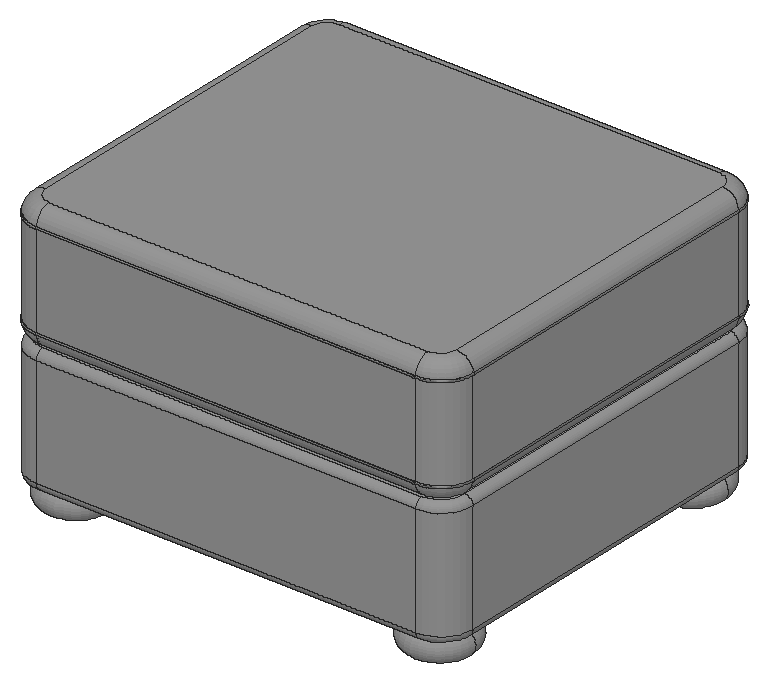
Revit family "Cambridge Ottoman", category Furniture, Revit 2016
Family settings
  OmniClass Number = 23.40.20.00
  OmniClass Title = General Furniture and Specialties
  Work Plane-Based = No
  Always vertical = Yes
  Cut with Voids When Loaded = No
  Shared = No
  Room Calculation Point = No
Parameters
  Width = 2' - 4"
  Foot Finish [instance] = Wood (Oak)
  Depth = 2' - 1"
  Cushion Fabric [instance] = Fabric
  Base Fabric [instance] = Fabric
Reference planes (in)
  plane 1 "Center Front/Back": y = 0
  plane 2: z = 0
  plane 3 "Center Left/Right": x = 0
  plane 4: y = 12.5
  plane 5: x = 14
  plane 6: x = -14
  plane 7: y = -12.5
  plane 8 "Seat Height": z = 17.5
  plane 9: z = 1.5
  plane 10: z = 9.5
Forms (in)
  Extrusion 1, solid, material "Fabric" <- "Base Fabric"
    sketch origin (0, 0, 0) x (1, 0, 0) y (0, 1, 0)
      loop
        arc (-12, 12.5) -> (-13.41421, 11.91421) -> (-14, 10.5) r 2
        line (-14, 10.5) -> (-14, -10.5)
        arc (-14, -10.5) -> (-13.41421, -11.91421) -> (-12, -12.5) r 2
        line (-12, -12.5) -> (12, -12.5)
        arc (12, -12.5) -> (13.41421, -11.91421) -> (14, -10.5) r 2
        line (14, -10.5) -> (14, 10.5)
        arc (14, 10.5) -> (13.41421, 11.91421) -> (12, 12.5) r 2
        line (12, 12.5) -> (-12, 12.5)
    from 1.5 to 9.5
  Extrusion 2, solid, material "Fabric" <- "Cushion Fabric"
    sketch origin (0, 0, 0) x (1, 0, 0) y (0, 1, 0)
      loop
        arc (-12, 12.5) -> (-13.41421, 11.91421) -> (-14, 10.5) r 2
        line (-14, 10.5) -> (-14, -10.5)
        arc (-14, -10.5) -> (-13.41421, -11.91421) -> (-12, -12.5) r 2
        line (-12, -12.5) -> (12, -12.5)
        arc (12, -12.5) -> (13.41421, -11.91421) -> (14, -10.5) r 2
        line (14, -10.5) -> (14, 10.5)
        arc (14, 10.5) -> (13.41421, 11.91421) -> (12, 12.5) r 2
        line (12, 12.5) -> (-12, 12.5)
    from 9.5 to 17.5
  Sweep 3, void
    path in 3D
      loop
        arc (-12, 12.5, 9.5) -> (-13.41421, 11.91421, 9.5) -> (-14, 10.5, 9.5) r 2
        line (-14, 10.5, 9.5) -> (-14, -10.5, 9.5)
        arc (-14, -10.5, 9.5) -> (-13.41421, -11.91421, 9.5) -> (-12, -12.5, 9.5) r 2
        line (-12, -12.5, 9.5) -> (12, -12.5, 9.5)
        arc (12, -12.5, 9.5) -> (13.41421, -11.91421, 9.5) -> (14, -10.5, 9.5) r 2
        line (14, -10.5, 9.5) -> (14, 10.5, 9.5)
        arc (14, 10.5, 9.5) -> (13.41421, 11.91421, 9.5) -> (12, 12.5, 9.5) r 2
        line (12, 12.5, 9.5) -> (-12, 12.5, 9.5)
    profile "Profile_Parametric Radius : .5" radius" origin (0, 12.5, 9.5) x (0, -1, 0) y (0, 0, 1)
      loop
        line (0.5, 0) -> (0, 0) -> (0, -0.5)
        arc (0, -0.5) -> (0.14645, -0.14645) -> (0.5, 0) r 0.5
  Sweep 4, void
    path in 3D
      loop
        arc (14, -10.5, 1.5) -> (13.41421, -11.91421, 1.5) -> (12, -12.5, 1.5) r 2
        line (12, -12.5, 1.5) -> (-12, -12.5, 1.5)
        arc (-12, -12.5, 1.5) -> (-13.41421, -11.91421, 1.5) -> (-14, -10.5, 1.5) r 2
        line (-14, -10.5, 1.5) -> (-14, 10.5, 1.5)
        arc (-14, 10.5, 1.5) -> (-13.41421, 11.91421, 1.5) -> (-12, 12.5, 1.5) r 2
        line (-12, 12.5, 1.5) -> (12, 12.5, 1.5)
        arc (12, 12.5, 1.5) -> (13.41421, 11.91421, 1.5) -> (14, 10.5, 1.5) r 2
        line (14, 10.5, 1.5) -> (14, -10.5, 1.5)
    profile "Profile_Parametric Radius : .5" radius" origin (14, 0, 1.5) x (-1, 0, 0) y (0, 0, -1)
      loop
        line (0.5, 0) -> (0, 0) -> (0, -0.5)
        arc (0, -0.5) -> (0.14645, -0.14645) -> (0.5, 0) r 0.5
  Sweep 5, void
    path in 3D
      loop
        arc (-12, 12.5, 17.5) -> (-13.41421, 11.91421, 17.5) -> (-14, 10.5, 17.5) r 2
        line (-14, 10.5, 17.5) -> (-14, -10.5, 17.5)
        arc (-14, -10.5, 17.5) -> (-13.41421, -11.91421, 17.5) -> (-12, -12.5, 17.5) r 2
        line (-12, -12.5, 17.5) -> (12, -12.5, 17.5)
        arc (12, -12.5, 17.5) -> (13.41421, -11.91421, 17.5) -> (14, -10.5, 17.5) r 2
        line (14, -10.5, 17.5) -> (14, 10.5, 17.5)
        arc (14, 10.5, 17.5) -> (13.41421, 11.91421, 17.5) -> (12, 12.5, 17.5) r 2
        line (12, 12.5, 17.5) -> (-12, 12.5, 17.5)
    profile "Profile_Parametric Radius : 1" radius" origin (0, 12.5, 17.5) x (0, -1, 0) y (0, 0, 1)
      loop
        line (1, 0) -> (0, 0) -> (0, -1)
        arc (0, -1) -> (0.29289, -0.29289) -> (1, 0) r 1
  Sweep 6, void
    path in 3D
      loop
        arc (14, -10.5, 9.5) -> (13.41421, -11.91421, 9.5) -> (12, -12.5, 9.5) r 2
        line (12, -12.5, 9.5) -> (-12, -12.5, 9.5)
        arc (-12, -12.5, 9.5) -> (-13.41421, -11.91421, 9.5) -> (-14, -10.5, 9.5) r 2
        line (-14, -10.5, 9.5) -> (-14, 10.5, 9.5)
        arc (-14, 10.5, 9.5) -> (-13.41421, 11.91421, 9.5) -> (-12, 12.5, 9.5) r 2
        line (-12, 12.5, 9.5) -> (12, 12.5, 9.5)
        arc (12, 12.5, 9.5) -> (13.41421, 11.91421, 9.5) -> (14, 10.5, 9.5) r 2
        line (14, 10.5, 9.5) -> (14, -10.5, 9.5)
    profile "Profile_Parametric Radius : 1" radius" origin (14, 0, 9.5) x (-1, 0, 0) y (0, 0, -1)
      loop
        line (1, 0) -> (0, 0) -> (0, -1)
        arc (0, -1) -> (0.29289, -0.29289) -> (1, 0) r 1
  Sweep 7, solid, material "Fabric" <- "Cushion Fabric"
    path in 3D
      loop
        arc (-12, -12.5, 16.5) -> (-13.41421, -11.91421, 16.5) -> (-14, -10.5, 16.5) r 2
        line (-14, -10.5, 16.5) -> (-14, 10.5, 16.5)
        arc (-14, 10.5, 16.5) -> (-13.41421, 11.91421, 16.5) -> (-12, 12.5, 16.5) r 2
        line (-12, 12.5, 16.5) -> (12, 12.5, 16.5)
        arc (12, 12.5, 16.5) -> (13.41421, 11.91421, 16.5) -> (14, 10.5, 16.5) r 2
        line (14, 10.5, 16.5) -> (14, -10.5, 16.5)
        arc (14, -10.5, 16.5) -> (13.41421, -11.91421, 16.5) -> (12, -12.5, 16.5) r 2
        line (12, -12.5, 16.5) -> (-12, -12.5, 16.5)
    profile origin (0, -12.5, 16.5) x (0, 0, 1) y (0, 1, 0)
      loop
        circle (0, 0) r 0.0625
  Sweep 8, solid, material "Fabric" <- "Cushion Fabric"
    path in 3D
      loop
        arc (-14, -10.5, 10.5) -> (-13.41421, -11.91421, 10.5) -> (-12, -12.5, 10.5) r 2
        line (-12, -12.5, 10.5) -> (12, -12.5, 10.5)
        arc (12, -12.5, 10.5) -> (13.41421, -11.91421, 10.5) -> (14, -10.5, 10.5) r 2
        line (14, -10.5, 10.5) -> (14, 10.5, 10.5)
        arc (14, 10.5, 10.5) -> (13.41421, 11.91421, 10.5) -> (12, 12.5, 10.5) r 2
        line (12, 12.5, 10.5) -> (-12, 12.5, 10.5)
        arc (-12, 12.5, 10.5) -> (-13.41421, 11.91421, 10.5) -> (-14, 10.5, 10.5) r 2
        line (-14, 10.5, 10.5) -> (-14, -10.5, 10.5)
    profile origin (-14, 0, 10.5) x (0, 0, -1) y (1, 0, 0)
      loop
        circle (0, 0) r 0.0625
Cuts and joins
  Sweep 3, Sweep 4 cuts Extrusion 1
  Sweep 5, Sweep 6 cuts Extrusion 2
Lines and regions (in)
  sketch lines
    curve 1: line (12, 12.5, 9.5) -> (-12, 12.5, 9.5)
    curve 2: arc (-14, 10.5, 9.5) -> (-13.41421, 11.91421, 9.5) -> (-12, 12.5, 9.5) r 2
    curve 3: line (-14, 10.5, 9.5) -> (-14, -10.5, 9.5)
    curve 4: arc (-12, -12.5, 9.5) -> (-13.41421, -11.91421, 9.5) -> (-14, -10.5, 9.5) r 2
    curve 5: line (-12, -12.5, 9.5) -> (12, -12.5, 9.5)
    curve 6: arc (14, -10.5, 9.5) -> (13.41421, -11.91421, 9.5) -> (12, -12.5, 9.5) r 2
    curve 7: line (14, -10.5, 9.5) -> (14, 10.5, 9.5)
    curve 8: arc (12, 12.5, 9.5) -> (13.41421, 11.91421, 9.5) -> (14, 10.5, 9.5) r 2
    curve 9: line (14, 10.5, 1.5) -> (14, -10.5, 1.5)
    curve 10: arc (12, -12.5, 1.5) -> (13.41421, -11.91421, 1.5) -> (14, -10.5, 1.5) r 2
    curve 11: line (12, -12.5, 1.5) -> (-12, -12.5, 1.5)
    curve 12: arc (-14, -10.5, 1.5) -> (-13.41421, -11.91421, 1.5) -> (-12, -12.5, 1.5) r 2
    curve 13: line (-14, -10.5, 1.5) -> (-14, 10.5, 1.5)
    curve 14: arc (-12, 12.5, 1.5) -> (-13.41421, 11.91421, 1.5) -> (-14, 10.5, 1.5) r 2
    curve 15: line (-12, 12.5, 1.5) -> (12, 12.5, 1.5)
    curve 16: arc (14, 10.5, 1.5) -> (13.41421, 11.91421, 1.5) -> (12, 12.5, 1.5) r 2
    curve 17: line (12, 12.5, 17.5) -> (-12, 12.5, 17.5)
    curve 18: arc (-14, 10.5, 17.5) -> (-13.41421, 11.91421, 17.5) -> (-12, 12.5, 17.5) r 2
    curve 19: line (-14, 10.5, 17.5) -> (-14, -10.5, 17.5)
    curve 20: arc (-12, -12.5, 17.5) -> (-13.41421, -11.91421, 17.5) -> (-14, -10.5, 17.5) r 2
    curve 21: line (-12, -12.5, 17.5) -> (12, -12.5, 17.5)
    curve 22: arc (14, -10.5, 17.5) -> (13.41421, -11.91421, 17.5) -> (12, -12.5, 17.5) r 2
    curve 23: line (14, -10.5, 17.5) -> (14, 10.5, 17.5)
    curve 24: arc (12, 12.5, 17.5) -> (13.41421, 11.91421, 17.5) -> (14, 10.5, 17.5) r 2
    curve 25: line (14, 10.5, 9.5) -> (14, -10.5, 9.5)
    curve 26: arc (12, -12.5, 9.5) -> (13.41421, -11.91421, 9.5) -> (14, -10.5, 9.5) r 2
    curve 27: line (12, -12.5, 9.5) -> (-12, -12.5, 9.5)
    curve 28: arc (-14, -10.5, 9.5) -> (-13.41421, -11.91421, 9.5) -> (-12, -12.5, 9.5) r 2
    curve 29: line (-14, -10.5, 9.5) -> (-14, 10.5, 9.5)
    curve 30: arc (-12, 12.5, 9.5) -> (-13.41421, 11.91421, 9.5) -> (-14, 10.5, 9.5) r 2
    curve 31: line (-12, 12.5, 9.5) -> (12, 12.5, 9.5)
    curve 32: arc (14, 10.5, 9.5) -> (13.41421, 11.91421, 9.5) -> (12, 12.5, 9.5) r 2
    curve 33: line (12, -12.5, 16.5) -> (-12, -12.5, 16.5)
    curve 34: arc (14, -10.5, 16.5) -> (13.41421, -11.91421, 16.5) -> (12, -12.5, 16.5) r 2
    curve 35: line (14, 10.5, 16.5) -> (14, -10.5, 16.5)
    curve 36: arc (-12, -12.5, 16.5) -> (-13.41421, -11.91421, 16.5) -> (-14, -10.5, 16.5) r 2
    curve 37: arc (12, 12.5, 16.5) -> (13.41421, 11.91421, 16.5) -> (14, 10.5, 16.5) r 2
    curve 38: line (-12, 12.5, 16.5) -> (12, 12.5, 16.5)
    curve 39: arc (-14, 10.5, 16.5) -> (-13.41421, 11.91421, 16.5) -> (-12, 12.5, 16.5) r 2
    curve 40: line (-14, -10.5, 16.5) -> (-14, 10.5, 16.5)
    curve 41: line (-14, 10.5, 10.5) -> (-14, -10.5, 10.5)
    curve 42: arc (-12, 12.5, 10.5) -> (-13.41421, 11.91421, 10.5) -> (-14, 10.5, 10.5) r 2
    curve 43: line (12, 12.5, 10.5) -> (-12, 12.5, 10.5)
    curve 44: arc (-14, -10.5, 10.5) -> (-13.41421, -11.91421, 10.5) -> (-12, -12.5, 10.5) r 2
    curve 45: line (-12, -12.5, 10.5) -> (12, -12.5, 10.5)
    curve 46: arc (12, -12.5, 10.5) -> (13.41421, -11.91421, 10.5) -> (14, -10.5, 10.5) r 2
    curve 47: line (14, -10.5, 10.5) -> (14, 10.5, 10.5)
    curve 48: arc (14, 10.5, 10.5) -> (13.41421, 11.91421, 10.5) -> (12, 12.5, 10.5) r 2
Dimensions and locks (in)
  equal spacing: plane 4, plane 1 "Center Front/Back", plane 7
  "Depth": plane 4 to plane 7
  equal spacing: plane 6, plane 3 "Center Left/Right", plane 5
  "Width": plane 6 to plane 5
  plane 8 "Seat Height" to plane 10 = 0' - 8"
  plane 6 to nested 1 = 0' - 2 1/2"
  nested 2 to plane 5 = 0' - 2 1/2"
  plane 4 to nested 2 = 0' - 2 1/2"
  plane 4 to nested 1 = 0' - 2 1/2"
  nested 4 to plane 7 = 0' - 2 1/2"
  nested 3 to plane 7 = 0' - 2 1/2"
  nested 3 to plane 5 = 0' - 2 1/2"
  plane 6 to nested 4 = 0' - 2 1/2"
  plane 8 "Seat Height" to plane 2 = 1' - 5 1/2"
  aligned and locked: level to plane 2
  aligned and locked: Extrusion 1 sketch curve to plane 4
  aligned and locked: plane 6 to Extrusion 1 sketch curve
  aligned and locked: plane 7 to Extrusion 1 sketch curve
  aligned and locked: Extrusion 1 sketch curve to plane 5
  aligned and locked: Extrusion 1 to plane 9
  aligned and locked: plane 10 to Extrusion 1
  aligned and locked: Extrusion 2 sketch curve to plane 4
  aligned and locked: plane 6 to Extrusion 2 sketch curve
  aligned and locked: plane 7 to Extrusion 2 sketch curve
  aligned and locked: Extrusion 2 sketch curve to plane 5
  aligned and locked: plane 8 "Seat Height" to Extrusion 2
  aligned and locked: Extrusion 2 to Extrusion 1
Automatic sketch dimensions
  Extrusion 1 sketch curve to Extrusion 1 sketch curve = 0' - 2"
  Extrusion 1 sketch curve to plane 5 = 0' - 2"  (x2)
  Extrusion 1 sketch curve to plane 4 = 0' - 2"
  Extrusion 2 sketch curve to Extrusion 2 sketch curve = 0' - 2"
  Extrusion 2 sketch curve to plane 4 = 0' - 2"
  Extrusion 2 sketch curve to plane 5 = 0' - 2"  (x2)
  profile plane to Sweep 7 sketch curve = 0' - 0"
  Sweep 7 sketch curve to profile plane = 0' - 0"
  Sweep 8 sketch curve to profile plane = 0' - 0"  (x2)
  radius of Sweep 7 sketch curve = 0' - 0 1/16"
  radius of Sweep 8 sketch curve = 0' - 0 1/16"
Nested families (in)
  nested 1: "BF01" at (-11.5, 10, 0), Nested Leg Material 1 <- "Foot Finish", type "BF01"
    with Nested Leg Material 1 Wood (Oak)
  nested 2: "BF01" at (11.5, 10, 0), Nested Leg Material 1 <- "Foot Finish", type "BF01"
    with Nested Leg Material 1 Wood (Oak)
  nested 3: "BF01" at (11.5, -10, 0), Nested Leg Material 1 <- "Foot Finish", type "BF01"
    with Nested Leg Material 1 Wood (Oak)
  nested 4: "BF01" at (-11.5, -10, 0), Nested Leg Material 1 <- "Foot Finish", type "BF01"
    with Nested Leg Material 1 Wood (Oak)
Definition of nested family "BF01"
  Parameters (values of type "BF01")
    Radius = 0' - 1 3/4"
    Nested Leg Material 1 [instance] = none
  Reference planes (in)
    plane 1 "Center Front/Back": y = 0
    plane 2: z = 0
    plane 3 "Center Left/Right": x = 0
    plane 4: z = 1.5
  Forms (in)
    Extrusion 1, solid, material <- "Nested Leg Material 1"
      sketch origin (0, 0, 0) x (1, 0, 0) y (0, 1, 0)
        loop
          circle (0, 0) r 1.75
      from 0 to 1.5
    Sweep 2, solid, material <- "Nested Leg Material 1"
      path in 3D
        loop
          arc (1.75, 0, 0) -> (0, 1.75, 0) -> (-1.75, 0, 0) r 1.75
          arc (-1.75, 0, 0) -> (0, -1.75, 0) -> (1.75, 0, 0) r 1.75
      profile origin (0, -1.75, 0) x (0, -1, 0) y (0, 0, -1)
        loop
          arc (0, -1.5) -> (0.51258, -0.75) -> (0, 0) r 0.80498
          line (0, 0) -> (0, -1.5)
  Lines and regions (in)
    sketch lines
      curve 1: arc (-1.75, 0, 0) -> (0, -1.75, 0) -> (1.75, 0, 0) r 1.75
      curve 2: arc (1.75, 0, 0) -> (0, 1.75, 0) -> (-1.75, 0, 0) r 1.75
  Dimensions and locks (in)
    plane 4 to plane 2 = 0' - 1 1/2"
    "Radius": radius of Extrusion 1 sketch curve
    aligned and locked: level to plane 2
    aligned and locked: plane 4 to Extrusion 1
    aligned and locked: Extrusion 1 to level
  Automatic sketch dimensions
    Sweep 2 sketch curve to profile plane = 0' - 0"
    profile plane to Sweep 2 sketch curve = 0' - 0"
    profile plane to Sweep 2 sketch curve = 0' - 0.2924"
    Sweep 2 sketch curve to profile plane = 0' - 0 3/4"
    plane 1 "Center Front/Back" to Extrusion 1 sketch curve = 0' - 0"
    Extrusion 1 sketch curve to plane 3 "Center Left/Right" = 0' - 0"
